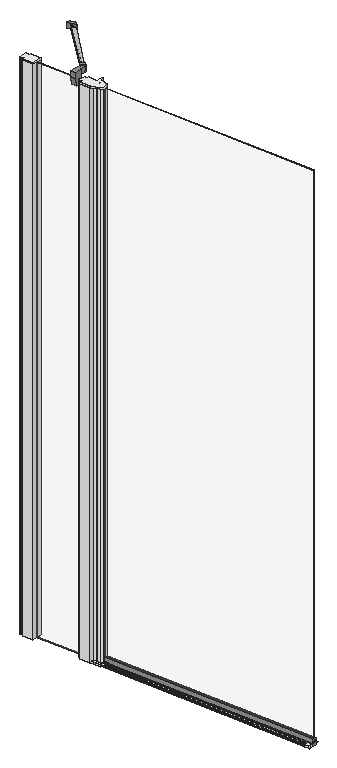
Revit family "Sanitary_Shower-screens_Duscholux_Giro_Separator-fixed-segment+pivot-door-Bath", category Plumbing Fixtures, Revit 2016
Family settings
  Part Type = Normal
  Round Connector Dimension = Use Diameter
  OmniClass Number = 23.45.00.00
  OmniClass Title = Sanitary, Laundry, and Cleaning Equipment
  Work Plane-Based = No
  Always vertical = Yes
  Cut with Voids When Loaded = No
  Shared = No
  Room Calculation Point = No
Parameters (values of type "White Aluminium Finish")
  Width fixed segment = if(Min Max Width < 1001 mm, 240 mm, if(Min Max Width < 1201 mm, 440 mm, if(Min Max Width < 1401 mm, 640 mm, 641 mm)))  # 240 mm
  Width = 900 mm
  Uniclass 2015 Description = "Shower Enclosures"
  Uniclass 2015 Code = "PR-40-20-06-79"
  URL = "http://www.duscholux.es/"
  UNSPSC Code = "30181507"
  Thickness Glass = 5 mm  # constant formula
  Technical Inspection Certificate (Applus) = "http://www.duscholux.es/resources/custom/var/APPLUS_en.pdf"
  Series = "Plus Evolution Giro"
  Region South America = "Consult"
  Region Oceania = "Consult"
  Region North America = "Consult"
  Region Middle East = "Consult"
  Region Europe = "AD, ES, FR, PT"
  Region Asia = "Consult"
  Region Antartica = "Consult"
  Region Africa = "Consult"
  Ref. = "7OI / 7OD"
  Products = "http://www.duscholux.es/mamparas_filtro.aspx?es"
  Product group = "Separator for bath"
  Product family = "Plus Evolution Giro"
  Opening System Image = "http://blob.duscholux.es/pluma512/SBIzq1f1pabatible180.gif"
  Opening System = "Pivot Door"
  Opening angle = 0.00°
  Net Weight (Kg) = 22.4
  NBS Reference Description = "Shower Enclosures"
  NBS Reference Code = "45-35-70"
  Model = ""
  Min Max Width = if(Width < 840 mm, 840 mm, if(Width > 1400 mm, 1400 mm, Width))  # 900 mm
  Max Height = if(Height > 1600 mm, 1600 mm, Height)  # 1600 mm
  Manufacturer name = "Duscholux Ibérica, S.A."
  Manufacturer country = "Spain"
  Maintenance and Cleaning = "http://www.duscholux.es/mamparas_limpieza.aspx?en"
  Image = "http://www.duscholux.es/resources/custom/img/mamparas/PLUS%20EVOLUTION%20GIRO/modelos/1F1PSBA/mampara_h.jpg"
  IFC Classification = "Furnishing Element"
  Height = 1600 mm
  Handle Material = White Finish
  Glass in Building UNE EN 12150 = "CE Conformity marking"
  Glass Material = Glass_Material-Duscholux
  Frame Material = White Aluminium Finish
  Fact Sheet = "http://blob.duscholux.es/enpdf2018/Giro1F1PSB.pdf"
  Manufacturer = "Duscholux Ibérica, S.A."
  Environmental Management ISO 14001 = "ECOEMBES Certificate"
  Edition number = "1"
  Door Aperture = Min Max Width - Width fixed segment  # 660 mm
  Design country = "Spain / Germany"
  Description = "Front 1 Fixed segment + 1 pivot door at 180° for bath"
  Date of publishing = ""
  Bath Height = 450 mm
  Assembly Code = "C1030200"
  Configuration enclosure = "http://configuratumampara.duscholux.es/eCatalogo.aspx"
  Components = "Eropean components"
  Type Comments = ""
  Combinations = ""
  Certified Quality UNE EN 14428 = "http://www.duscholux.es/duscholux_downloads.aspx?es"
  COBIe Type Category = ""
  Brand = "Duscholux"
  Accesories Material = White Finish
Types (4, lengths in mm): name | Handle Material | Frame Material | Accesories Material
  (no name) | White Finish | White Aluminium Finish | White Finish
  Silver Matt Aluminium Finish | Matt Silver Aluminium Finish | Matt Silver Aluminium Finish | Plastic, Gray
  Shiny Silver Finish | Matt Silver Aluminium Finish | Shiny Silver  Aluminium Finish | Plastic, Gray
  White Aluminium Finish | White Finish | White Aluminium Finish | White Finish
Reference planes
  plane 1 "Centro (Frontal/Posterior)": y = 0
  plane 2: z = 0
  plane 3 "Centro (Izquierda/Derecha)": x = 0
  plane 4: z = 2054
  plane 5: x = 900
  plane 6: z = 450
  plane 7: z = 0
  plane 8: y = -15.3
  plane 9: x = 879
  plane 10: z = 2050
  plane 11: x = 240
  plane 12: z = 458
  plane 13: z = 2046
  plane 14: z = 456
Forms (mm)
  Extrusion 1, solid, material "Glass_Material-Duscholux" <- "Glass Material"
    sketch origin (243.164, 15.3, 0) x (1, 0, 0) y (0, 1, 0)
      loop
        line (-0.257, -12.8) -> (-0.257, -17.8) -> (656.836, -17.8) -> (656.836, -12.8) -> (-0.257, -12.8)
    from 458 to 2046
  Extrusion 2, solid, material "White Finish" <- "Accesories Material", detail levels medium+fine
    sketch origin (0, 0, 0) x (1, 0, 0) y (0, 1, 0)
      loop
        arc (888.886, -5.45) -> (888.461, -6.475) -> (887.436, -6.9) r 1.45
        line (887.436, -6.9) -> (886, -6.9) -> (886, -18) -> (898, -18)
        arc (898, -18) -> (899.414, -17.414) -> (900, -16) r 2
        line (900, -16) -> (900, -4) -> (888.886, -4) -> (888.886, -5.45)
    from 450 to 456
  Extrusion 3, solid, material "White Aluminium Finish" <- "Frame Material"
    sketch origin (0, 0, 0) x (1, 0, 0) y (0, 1, 0)
      loop
        line (183.416, 9.29) -> (183.416, 1.79) -> (193.916, 1.79) -> (193.916, -6.21) -> (183.416, -6.21) -> (183.416, -13.71) -> (211.466, -13.71) -> (211.466, -12.36) -> (184.766, -12.36) -> (184.766, -7.555) -> (195.266, -7.555) -> (195.266, 3.135) -> (184.766, 3.135) -> (184.766, 7.94) -> (211.466, 7.94) -> (211.466, 9.29) -> (183.416, 9.29)
    from 450 to 2046
  Extrusion 4, solid, material "White Aluminium Finish" <- "Frame Material"
    sketch origin (0, 0, 0) x (1, 0, 0) y (0, 1, 0)
      loop
        line (43.002, 12.565) -> (11.652, 12.565) -> (11.652, 9.593) -> (41.752, 9.593) -> (41.752, 3.037) -> (31.002, 3.037) -> (31.002, -7.457) -> (41.752, -7.457) -> (41.752, -14.013) -> (11.652, -14.013) -> (11.652, -16.985) -> (43.002, -16.985) -> (43.002, -6.207) -> (32.502, -6.207) -> (32.502, 1.787) -> (43.002, 1.787) -> (43.002, 12.565)
    from 450 to 2046
  Extrusion 5, solid, material "White Aluminium Finish" <- "Frame Material"
    sketch origin (0, 0, 0) x (1, 0, 0) y (0, 1, 0)
      loop
        line (31.002, 9.392) -> (0, 9.392) -> (0, 7.892) -> (1.25, 7.892) -> (1.25, -12.308) -> (0, -12.308) -> (0, -13.808) -> (31.002, -13.808) -> (31.002, -12.308) -> (2.752, -12.308) -> (2.752, 7.892) -> (31.002, 7.892) -> (31.002, 9.392)
    from 450 to 2046
  Extrusion 6, solid, material "Glass_Material-Duscholux" <- "Glass Material"
    sketch origin (0, -2.21, 0) x (1, 0, 0) y (0, 1, 0)
      loop
        line (32.502, 2.5) -> (32.502, -2.5) -> (193.916, -2.5) -> (193.916, 2.5) -> (32.502, 2.5)
    from 450 to 2046
  Extrusion 7, solid, material "White Aluminium Finish" <- "Frame Material"
    sketch origin (73.4, 0, 0) x (1, 0, 0) y (0, 1, 0)
      loop
        line (148.517, 28.54) -> (144.867, 28.54) -> (144.867, 10.89) -> (118.367, 10.89) -> (118.367, 9.39) -> (143.497, 9.39) -> (143.497, -13.81) -> (116.567, -13.81) -> (116.567, -20.87) -> (149.417, -20.87) -> (149.417, -12.5) -> (152.866, -12.5) -> (158.371, -6)
        arc (158.371, -6) -> (156.367, -0.015) -> (158.255, 6.008) r 10.234
        line (158.255, 6.008) -> (152.866, 14) -> (152.866, 15.023) -> (151.24, 24.249) -> (148.517, 28.54)
    from 450 to 2046
  Extrusion 8, solid, material "White Finish" <- "Accesories Material", detail levels medium+fine
    sketch origin (0, 0, 0) x (1, 0, 0) y (0, 1, 0)
      loop
        line (222.817, -18) -> (252.745, -18) -> (252.745, -4.689) -> (245.148, -8.76)
        arc (245.148, -8.76) -> (237.932, -9.938) -> (231.771, -6) r 10.234
        line (231.771, -6) -> (226.266, -12.5) -> (222.817, -12.5) -> (222.817, -18)
    from 450 to 456
  Extrusion 9, solid, material "White Aluminium Finish" <- "Frame Material"
    sketch origin (240, 0, 0) x (1, 0, 0) y (0, 1, 0)
      loop
        line (12.745, 4.857) -> (5.148, 8.929)
        arc (5.148, 8.929) -> (-10.234, 0.084) -> (5.148, -8.76) r 10.234
        line (5.148, -8.76) -> (12.745, -4.689) -> (12.745, -3.689) -> (2.907, -3.689) -> (2.907, 3.857) -> (12.745, 3.857) -> (12.745, 4.857)
      loop
        circle (0, 0.084) r 1.482
    from 450 to 2046
  Extrusion 10, solid, material "White Finish" <- "Accesories Material"
    sketch origin (0, 0, 0) x (1, 0, 0) y (0, 1, 0)
      loop
        line (43.002, 12.565) -> (11.652, 12.565) -> (11.652, 9.392) -> (0, 9.392) -> (0, -13.808) -> (11.652, -13.808) -> (11.652, -16.985) -> (43.002, -16.985) -> (43.002, 12.565)
    from 2046 to 2050
  Extrusion 11, solid, material "White Finish" <- "Accesories Material"
    sketch origin (0, 0, 0) x (1, 0, 0) y (0, 1, 0)
      loop
        line (191.767, 10.89) -> (191.767, 9.29) -> (183.416, 9.29) -> (183.416, -13.71) -> (189.967, -13.71) -> (189.967, -20.87) -> (222.409, -20.87) -> (244.754, -12.738)
        arc (244.754, -12.738) -> (253.673, 0) -> (244.754, 12.738) r 13.555
        line (244.754, 12.738) -> (225.429, 19.771) -> (224.64, 24.249) -> (221.917, 28.54) -> (218.267, 28.54) -> (218.267, 10.89) -> (191.767, 10.89)
    from 2046 to 2050
  Extrusion 12, solid, material "White Aluminium Finish" <- "Frame Material"
    sketch origin (0, 108.97, 0) x (0, 1, 0) y (0, 0, 1)
      loop
        line (-115.87, 450) -> (-115.87, 453)
        arc (-115.87, 453) -> (-116.456, 454.414) -> (-117.87, 455) r 2
        line (-117.87, 455) -> (-123.47, 455)
        arc (-123.47, 455) -> (-124.885, 454.414) -> (-125.47, 453) r 2
        line (-125.47, 453) -> (-125.47, 450) -> (-115.87, 450)
    from 252.745 to 886
Lines and regions (mm)
  reference lines
    curve 1: line (240, 0, 0) -> (900, 0, 0)
  symbolic lines
    curve 2: line (240, 0, 0) -> (240, 660, 0)
    curve 3: line (240, 0, 0) -> (240, -660, 0)
    curve 4: arc (240, -660, 0) -> (900, 0, 0) -> (240, 660, 0) r 660
Dimensions and locks
  "Thickness Glass": Extrusion 1 to Extrusion 1
  "Min Max Width": plane 3 "Centro (Izquierda/Derecha)" to plane 5
  locked: plane 9 to plane 5 at 21
  locked: plane 4 to plane 10 at 4
  locked: Extrusion 2 to plane 5 at 14
  "Width fixed segment": plane 3 "Centro (Izquierda/Derecha)" to plane 11
  "Door Aperture": curve 1 to curve 1
  plane 3 "Centro (Izquierda/Derecha)" to Extrusion 10 = 43.002 mm
  "Door Aperture": curve 2 to curve 2
  "Door Aperture": curve 3 to curve 3
  "Bath Height": plane 6 to level
  locked: plane 12 to plane 6 at 8
  "Max Height": plane 10 to plane 6
  locked: plane 4 to plane 13 at 8
  locked: plane 14 to plane 6 at 6
  curve 3 to Extrusion 12 = 12.745 mm
  locked: plane 11 to Extrusion 12 at 12.745
  "Opening angle": angle curve 1 to plane 1 "Centro (Frontal/Posterior)"
  aligned and locked: level to plane 2
  aligned and locked: Extrusion 1 to Extrusion 3
  aligned and locked: Extrusion 1 to Extrusion 4
  aligned and locked: Extrusion 1 to Extrusion 5
  aligned and locked: Extrusion 6 to Extrusion 3
  aligned and locked: Extrusion 6 to Extrusion 4
  aligned and locked: Extrusion 1 to Extrusion 6
  aligned and locked: Extrusion 1 to Extrusion 7
  aligned and locked: Extrusion 2 to Extrusion 8
  aligned and locked: Extrusion 1 to Extrusion 9
  aligned and locked: plane 11 to curve 1
  aligned and locked: plane 1 "Centro (Frontal/Posterior)" to curve 1
  aligned and locked: Extrusion 10 to Extrusion 4
  aligned and locked: plane 10 to Extrusion 10
  aligned and locked: Extrusion 11 to Extrusion 1
  aligned and locked: plane 10 to Extrusion 11
  aligned and locked: Extrusion 1 to nested 1
  aligned and locked: Extrusion 4 to plane 6
  aligned and locked: Extrusion 5 to plane 6
  aligned and locked: Extrusion 7 to plane 6
  aligned and locked: Extrusion 3 to plane 6
  aligned and locked: Extrusion 6 to plane 6
  aligned and locked: Extrusion 9 to plane 6
  aligned and locked: Extrusion 1 to plane 12
  aligned and locked: plane 13 to nested 2
  aligned and locked: plane 13 to Extrusion 1
  aligned and locked: Extrusion 8 to plane 6
  aligned and locked: Extrusion 2 to plane 6
  aligned and locked: plane 14 to Extrusion 8
  aligned and locked: Extrusion 12 to Extrusion 2
Automatic sketch dimensions
  curve 1 to Extrusion 1 sketch curve = 2.907 mm
  Extrusion 1 sketch curve to curve 1 = 0 mm
  Extrusion 1 sketch curve to curve 1 = 2.5 mm
  Extrusion 1 sketch curve to Extrusion 1 sketch curve = 5 mm
  Extrusion 2 sketch curve to plane 5 = 0 mm
  plane 8 to Extrusion 2 sketch curve = 0.7 mm
  Extrusion 2 sketch curve to Extrusion 2 sketch curve = 2 mm
  plane 9 to Extrusion 2 sketch curve = 8.436 mm
  plane 9 to Extrusion 2 sketch curve = 7 mm
  plane 1 "Centro (Frontal/Posterior)" to Extrusion 2 sketch curve = 6.9 mm
  Extrusion 2 sketch curve to Extrusion 2 sketch curve = 1.45 mm
  plane 1 "Centro (Frontal/Posterior)" to Extrusion 2 sketch curve = 4 mm
  Extrusion 3 sketch curve to plane 1 "Centro (Frontal/Posterior)" = 7.94 mm
  Extrusion 3 sketch curve to plane 11 = 55.234 mm
  Extrusion 3 sketch curve to Extrusion 3 sketch curve = 1.35 mm  (x5)
  Extrusion 3 sketch curve to Extrusion 3 sketch curve = 26.7 mm
  Extrusion 3 sketch curve to plane 1 "Centro (Frontal/Posterior)" = 3.135 mm
  Extrusion 3 sketch curve to Extrusion 3 sketch curve = 10.5 mm
  Extrusion 3 sketch curve to plane 1 "Centro (Frontal/Posterior)" = 1.79 mm
  Extrusion 3 sketch curve to Extrusion 3 sketch curve = 1.345 mm
  Extrusion 3 sketch curve to Extrusion 3 sketch curve = 9.15 mm
  Extrusion 3 sketch curve to plane 8 = 2.94 mm
  Extrusion 3 sketch curve to Extrusion 3 sketch curve = 16.2 mm
  plane 3 "Centro (Izquierda/Derecha)" to Extrusion 4 sketch curve = 11.652 mm  (x2)
  plane 8 to Extrusion 4 sketch curve = 1.685 mm
  Extrusion 4 sketch curve to plane 1 "Centro (Frontal/Posterior)" = 3.037 mm
  Extrusion 4 sketch curve to Extrusion 4 sketch curve = 19.35 mm
  Extrusion 4 sketch curve to Extrusion 4 sketch curve = 1.5 mm
  Extrusion 4 sketch curve to Extrusion 4 sketch curve = 9.25 mm  (x2)
  Extrusion 4 sketch curve to Extrusion 4 sketch curve = 1.25 mm  (x3)
  plane 1 "Centro (Frontal/Posterior)" to Extrusion 4 sketch curve = 7.457 mm
  Extrusion 4 sketch curve to plane 1 "Centro (Frontal/Posterior)" = 1.787 mm
  Extrusion 4 sketch curve to Extrusion 4 sketch curve = 6.555 mm
  Extrusion 4 sketch curve to Extrusion 4 sketch curve = 2.972 mm
  Extrusion 4 sketch curve to plane 8 = 1.287 mm
  Extrusion 5 sketch curve to plane 1 "Centro (Frontal/Posterior)" = 7.892 mm
  plane 3 "Centro (Izquierda/Derecha)" to Extrusion 5 sketch curve = 31.002 mm
  plane 3 "Centro (Izquierda/Derecha)" to Extrusion 5 sketch curve = 2.752 mm
  Extrusion 5 sketch curve to Extrusion 5 sketch curve = 1.5 mm
  Extrusion 5 sketch curve to plane 3 "Centro (Izquierda/Derecha)" = 0 mm  (x2)
  plane 3 "Centro (Izquierda/Derecha)" to Extrusion 5 sketch curve = 1.25 mm
  Extrusion 5 sketch curve to plane 8 = 2.992 mm
  Extrusion 5 sketch curve to Extrusion 5 sketch curve = 0 mm  (x3)
  Extrusion 5 sketch curve to plane 8 = 1.492 mm
  Extrusion 3 sketch curve to Extrusion 3 sketch curve = 4.805 mm
  Extrusion 6 sketch curve to plane 11 = 207.498 mm
  plane 1 "Centro (Frontal/Posterior)" to Extrusion 6 sketch curve = 4.71 mm
  Extrusion 6 sketch curve to Extrusion 6 sketch curve = 161.414 mm
  Extrusion 6 sketch curve to plane 1 "Centro (Frontal/Posterior)" = 0.29 mm
  Extrusion 7 sketch curve to plane 1 "Centro (Frontal/Posterior)" = 28.54 mm
  Extrusion 7 sketch curve to plane 11 = 18.083 mm
  Extrusion 7 sketch curve to Extrusion 7 sketch curve = 3.65 mm
  Extrusion 7 sketch curve to plane 1 "Centro (Frontal/Posterior)" = 24.249 mm
  Extrusion 7 sketch curve to Extrusion 7 sketch curve = 2.722 mm
  Extrusion 7 sketch curve to plane 1 "Centro (Frontal/Posterior)" = 15.023 mm
  Extrusion 7 sketch curve to Extrusion 7 sketch curve = 1.627 mm
  Extrusion 7 sketch curve to Extrusion 7 sketch curve = 1.023 mm
  Extrusion 7 sketch curve to plane 1 "Centro (Frontal/Posterior)" = 6.008 mm
  Extrusion 7 sketch curve to Extrusion 7 sketch curve = 5.389 mm
  Extrusion 7 sketch curve to plane 1 "Centro (Frontal/Posterior)" = 0.084 mm
  Extrusion 7 sketch curve to Extrusion 7 sketch curve = 8.345 mm
  plane 1 "Centro (Frontal/Posterior)" to Extrusion 7 sketch curve = 6 mm
  Extrusion 7 sketch curve to Extrusion 7 sketch curve = 5.505 mm
  Extrusion 7 sketch curve to Extrusion 7 sketch curve = 3.449 mm
  plane 8 to Extrusion 7 sketch curve = 5.57 mm
  Extrusion 7 sketch curve to plane 8 = 2.8 mm
  Extrusion 7 sketch curve to Extrusion 7 sketch curve = 32.85 mm
  Extrusion 7 sketch curve to plane 8 = 1.49 mm
  Extrusion 7 sketch curve to Extrusion 7 sketch curve = 5.92 mm
  Extrusion 7 sketch curve to plane 1 "Centro (Frontal/Posterior)" = 9.39 mm
  Extrusion 7 sketch curve to Extrusion 7 sketch curve = 1.8 mm
  Extrusion 7 sketch curve to Extrusion 7 sketch curve = 1.5 mm
  Extrusion 8 sketch curve to plane 11 = 0 mm
  Extrusion 8 sketch curve to plane 8 = 2.8 mm
  Extrusion 8 sketch curve to Extrusion 8 sketch curve = 5.505 mm
  plane 8 to Extrusion 8 sketch curve = 2.7 mm
  Extrusion 8 sketch curve to Extrusion 8 sketch curve = 3.449 mm
  plane 11 to Extrusion 8 sketch curve = 5.148 mm
  Extrusion 8 sketch curve to Extrusion 8 sketch curve = 7.597 mm
  Extrusion 8 sketch curve to plane 8 = 6.54 mm
  plane 1 "Centro (Frontal/Posterior)" to Extrusion 8 sketch curve = 6 mm
  plane 1 "Centro (Frontal/Posterior)" to Extrusion 8 sketch curve = 4.689 mm
  Extrusion 8 sketch curve to plane 1 "Centro (Frontal/Posterior)" = 0.084 mm
  Extrusion 9 sketch curve to Extrusion 9 sketch curve = 0 mm  (x3)
  Extrusion 9 sketch curve to curve 1 = 0 mm
  curve 1 to Extrusion 9 sketch curve = 0.084 mm
  curve 1 to Extrusion 9 sketch curve = 2.907 mm
  curve 1 to Extrusion 9 sketch curve = 5.148 mm  (x2)
  Extrusion 9 sketch curve to curve 1 = 3.857 mm
  Extrusion 9 sketch curve to Extrusion 9 sketch curve = 7.597 mm
  Extrusion 9 sketch curve to curve 1 = 3.689 mm
  Extrusion 9 sketch curve to curve 1 = 8.76 mm
  Extrusion 9 sketch curve to Extrusion 9 sketch curve = 1 mm
  Extrusion 9 sketch curve to curve 1 = 1.482 mm
  curve 1 to Extrusion 9 sketch curve = 4.689 mm
  Extrusion 10 sketch curve to plane 3 "Centro (Izquierda/Derecha)" = 0 mm
  plane 8 to Extrusion 10 sketch curve = 1.685 mm
  plane 3 "Centro (Izquierda/Derecha)" to Extrusion 10 sketch curve = 11.652 mm  (x2)
  Extrusion 10 sketch curve to Extrusion 10 sketch curve = 31.35 mm
  Extrusion 10 sketch curve to plane 8 = 1.492 mm
  Extrusion 10 sketch curve to plane 1 "Centro (Frontal/Posterior)" = 12.565 mm
  Extrusion 10 sketch curve to plane 1 "Centro (Frontal/Posterior)" = 9.392 mm
  plane 1 "Centro (Frontal/Posterior)" to Extrusion 11 sketch curve = 0 mm
  Extrusion 11 sketch curve to plane 1 "Centro (Frontal/Posterior)" = 9.29 mm
  Extrusion 11 sketch curve to plane 11 = 56.584 mm
  Extrusion 11 sketch curve to plane 8 = 1.59 mm
  Extrusion 11 sketch curve to Extrusion 11 sketch curve = 6.552 mm
  Extrusion 11 sketch curve to Extrusion 11 sketch curve = 8.352 mm
  Extrusion 11 sketch curve to plane 11 = 21.733 mm
  Extrusion 11 sketch curve to Extrusion 11 sketch curve = 3.65 mm
  plane 8 to Extrusion 11 sketch curve = 5.57 mm
  Extrusion 11 sketch curve to plane 11 = 17.591 mm
  Extrusion 11 sketch curve to Extrusion 11 sketch curve = 2.722 mm
  Extrusion 11 sketch curve to Extrusion 11 sketch curve = 0.79 mm
  plane 11 to Extrusion 11 sketch curve = 0.118 mm
  plane 11 to Extrusion 11 sketch curve = 4.754 mm  (x2)
  Extrusion 11 sketch curve to plane 8 = 2.562 mm
  Extrusion 11 sketch curve to Extrusion 11 sketch curve = 1.6 mm
  Extrusion 11 sketch curve to Extrusion 11 sketch curve = 8.881 mm
  Extrusion 11 sketch curve to Extrusion 11 sketch curve = 4.478 mm
  Extrusion 11 sketch curve to Extrusion 11 sketch curve = 4.291 mm
  Extrusion 12 sketch curve to plane 6 = 0 mm
  plane 8 to Extrusion 12 sketch curve = 1.2 mm
  Extrusion 12 sketch curve to Extrusion 12 sketch curve = 2 mm  (x2)
  Extrusion 12 sketch curve to Extrusion 12 sketch curve = 5.6 mm
  plane 6 to Extrusion 12 sketch curve = 3 mm
  curve 2 to plane 11 = 0 mm
  plane 1 "Centro (Frontal/Posterior)" to curve 3 = 0 mm
Nested families
  nested 1: "Lower-Guide" at (252.745, 0, 458), type "Lower-Guide", detail levels fine
    with built-in parameter 1001306 2.1235 (stored number, unit not read)
  nested 2: "Wall Support 45°" at (165, -2.21, 2046) x (0, 1, 0) z (0, 0, 1), type "Wall Support 45°", detail levels medium+fine
Definition of nested family "Lower-Guide"
  Parameters (values of type "2353MA")
    built-in parameter 1001306 [instance] = 500 mm
  Reference planes
    plane 1 "Centro (Frontal/Posterior)": y = 0
    plane 2: z = 0
    plane 3 "Izquierda": x = 0
    plane 4 "Derecha": x = 500
    plane 5: z = 0
  Forms (mm)
    Extrusion 1, solid
      sketch origin (0, 0, 0) x (0, 1, 0) y (0, 0, 1)
        loop
          line (-4.2, 0) -> (-3, 12) -> (-4.5, 12) -> (-5.692, 0.15)
          arc (-5.692, 0.15) -> (-5.345, -0.968) -> (-4.3, -1.497) r 1.5
          line (-4.3, -1.497) -> (-4.3, -5.874)
          arc (-4.3, -5.874) -> (-3.9, -6.274) -> (-3.5, -5.874) r 0.4
          line (-3.5, -5.874) -> (-3.5, -1.5) -> (3.5, -1.5) -> (3.5, -7.653)
          arc (3.5, -7.653) -> (3.9, -8.053) -> (4.3, -7.653) r 0.4
          line (4.3, -7.653) -> (4.3, -1.508) -> (5.754, -1.508) -> (11.976, -3.947)
          arc (11.976, -3.947) -> (12.62, -3.771) -> (12.515, -3.111) r 0.5
          line (12.515, -3.111) -> (9.056, -1.58)
          arc (9.056, -1.58) -> (6.398, 0.585) -> (5.211, 3.802) r 6.5
          line (5.211, 3.802) -> (4.5, 12) -> (3, 12) -> (4.2, 0) -> (-4.2, 0)
      from 0 to 500
  Lines and regions (mm)
    reference lines
      curve 1: line (0, 0, 0) -> (500, 0, 0)
  Dimensions and locks
    "built-in parameter 1001306": plane 3 "Izquierda" to plane 4 "Derecha"
    aligned and locked: plane 4 "Derecha" to curve 1
    aligned and locked: plane 1 "Centro (Frontal/Posterior)" to curve 1
    aligned and locked: plane 3 "Izquierda" to curve 1
    aligned and locked: level to plane 2
    aligned and locked: plane 4 "Derecha" to Extrusion 1
  Automatic sketch dimensions
    Extrusion 1 sketch curve to level = 0 mm  (x2)
    Extrusion 1 sketch curve to Extrusion 1 sketch curve = 0.4 mm  (x3)
    Extrusion 1 sketch curve to Extrusion 1 sketch curve = 0 mm  (x2)
    Extrusion 1 sketch curve to Extrusion 1 sketch curve = 1.5 mm  (x2)
    Extrusion 1 sketch curve to Extrusion 1 sketch curve = 1.454 mm
    Extrusion 1 sketch curve to level = 1.58 mm
    Extrusion 1 sketch curve to Extrusion 1 sketch curve = 3.301 mm
    level to Extrusion 1 sketch curve = 4.364 mm
    Extrusion 1 sketch curve to Extrusion 1 sketch curve = 2.632 mm
    Extrusion 1 sketch curve to level = 3.947 mm
    Extrusion 1 sketch curve to Extrusion 1 sketch curve = 2.921 mm
    Extrusion 1 sketch curve to Extrusion 1 sketch curve = 0.224 mm
    Extrusion 1 sketch curve to level = 3.111 mm
    Extrusion 1 sketch curve to Extrusion 1 sketch curve = 0.315 mm
    Extrusion 1 sketch curve to level = 5.874 mm
    Extrusion 1 sketch curve to Extrusion 1 sketch curve = 1.778 mm
    Extrusion 1 sketch curve to level = 1.508 mm
    Extrusion 1 sketch curve to level = 1.5 mm
    Extrusion 1 sketch curve to Extrusion 1 sketch curve = 0.003 mm
    level to Extrusion 1 sketch curve = 12 mm
    level to Extrusion 1 sketch curve = 0.15 mm
    plane 1 "Centro (Frontal/Posterior)" to Extrusion 1 sketch curve = 3 mm
    plane 1 "Centro (Frontal/Posterior)" to Extrusion 1 sketch curve = 3.5 mm
    Extrusion 1 sketch curve to Extrusion 1 sketch curve = 0.1 mm  (x2)
    Extrusion 1 sketch curve to plane 1 "Centro (Frontal/Posterior)" = 3 mm
    Extrusion 1 sketch curve to plane 1 "Centro (Frontal/Posterior)" = 3.5 mm
    Extrusion 1 sketch curve to Extrusion 1 sketch curve = 0.799 mm
    level to Extrusion 1 sketch curve = 3.802 mm
Definition of nested family "Wall Support 45°"
  Parameters (values of type "Wall Support 45°")
    Lenght = 800 mm
  Reference planes
    plane 1 "Center (Front/Back)": y = 0
    plane 2: z = 0
    plane 3 "Center (Left/Right)": x = 0
    plane 4: x = 800
    plane 5: through (26, 0, 1200) normal (-0.7071, 0.7071, 0)
    plane 6: y = 165
    plane 7: x = 176
  Forms (mm)
    Extrusion 1, solid
      sketch origin (11.441, 0, 35.625) x (1, 0, 0) y (0, 0, 1)
        loop
          line (-19.941, -52.625) -> (-2.941, -52.625) -> (-2.941, -15.625) -> (-22.941, -15.625) -> (-22.941, -32.625) -> (-19.941, -52.625)
      from -8.5 to 8.5
    Extrusion 2, void
      sketch origin (0, 0, 0) x (1, 0, 0) y (0, 0, 1)
        loop
          line (-5, 0) -> (-5, -17) -> (5, -17) -> (5, 0) -> (-5, 0)
      from -8.5 to 8.5
    Extrusion 3, solid
      sketch origin (0, 0, 0) x (1, 0, 0) y (0, 1, 0)
        loop
          line (8.5, -8.5) -> (11, -6) -> (11, 6) -> (8.5, 8.5) -> (8.5, -8.5)
      from -17 to 20
    Extrusion 4, solid
      sketch origin (-113.058, -131.909, -43.851) x (-0.707107, 0.707107, 0) y (0, 0, 1)
        loop
          line (-9.555, 48.351) -> (-0.555, 48.351) -> (-0.555, 62.351) -> (-9.555, 62.351) -> (-9.555, 48.351)
      from 206.603 to 388.735
    Extrusion 5, solid
      sketch origin (0, 0, 0) x (1, 0, 0) y (0, 1, 0)
        loop
          line (11, 6) -> (11, -6) -> (26, -6)
          arc (26, -6) -> (32, 0) -> (26, 6) r 6
          line (26, 6) -> (11, 6)
      from 14 to 20
    Extrusion 6, solid
      sketch origin (44.385, 18.385, 0) x (-0.707107, -0.707107, 0) y (0.707107, -0.707107, 0)
        loop
          line (11, 6) -> (11, -6) -> (26, -6)
          arc (26, -6) -> (32, 0) -> (26, 6) r 6
          line (26, 6) -> (11, 6)
      from 5 to 14
    Extrusion 7, solid
      sketch origin (0, 0, 0) x (1, 0, 0) y (0, 1, 0)
        loop
          line (32.364, 14.849) -> (23.515, 6) -> (26, 6)
          arc (26, 6) -> (31.543, 2.296) -> (30.243, -4.243) r 6
          line (30.243, -4.243) -> (40.849, 6.364) -> (32.364, 14.849)
      from 14 to 20
    Extrusion 8, solid
      sketch origin (176, 176, 0) x (0, -1, 0) y (1, 0, 0)
        loop
          line (11, -6) -> (26, -6)
          arc (26, -6) -> (32, 0) -> (26, 6) r 6
          line (26, 6) -> (11, 6) -> (11, -6)
      from 14 to 20
    Extrusion 9, solid
      sketch origin (176, 176, 0) x (0, -1, 0) y (1, 0, 0)
        loop
          line (32.364, -14.849) -> (40.849, -6.364) -> (30.243, 4.243)
          arc (30.243, 4.243) -> (31.543, -2.296) -> (26, -6) r 6
          line (26, -6) -> (23.515, -6) -> (32.364, -14.849)
      from 14 to 20
    Extrusion 10, solid
      sketch origin (157.615, 131.615, 0) x (0.707107, 0.707107, 0) y (-0.707107, 0.707107, 0)
        loop
          line (11, -6) -> (26, -6)
          arc (26, -6) -> (32, 0) -> (26, 6) r 6
          line (26, 6) -> (11, 6) -> (11, -6)
      from 5 to 14
    Extrusion 11, solid
      sketch origin (-22.6, -22.6, 0) x (1, 0, 0) y (0, 1, 0)
        loop
          line (192.6, 187.6) -> (192.6, 175.085) -> (194.357, 176.842)
          arc (194.357, 176.842) -> (200.896, 178.143) -> (204.6, 172.6) r 6
          line (204.6, 172.6) -> (204.6, 187.6) -> (192.6, 187.6)
      from 5 to 14
    Extrusion 12, solid
      sketch origin (0, 0, 0) x (1, 0, 0) y (0, 1, 0)
        loop
          line (11, 6) -> (11, -5.977) -> (25.477, -5.977)
          arc (25.477, -5.977) -> (20.362, -2.052) -> (21.757, 4.243) r 6
          line (21.757, 4.243) -> (23.515, 6) -> (11, 6)
      from 5 to 14
  Cuts and joins
    Extrusion 2 cuts Extrusion 1
    joined: Extrusion 1, Extrusion 3, Extrusion 5, Extrusion 12
    joined: Extrusion 6, Extrusion 7
    joined: Extrusion 9, Extrusion 10
    joined: Extrusion 8, Extrusion 11
  Dimensions and locks
    equal spacing: Extrusion 1, plane 1 "Center (Front/Back)", Extrusion 1
    locked: cut or joined group of Extrusion 1, Extrusion 2, Extrusion 3, Extrusion 5, Extrusion 12 to plane 3 "Center (Left/Right)" at 11.5
    "Lenght": plane 4 to plane 3 "Center (Left/Right)"
    locked: cut or joined group of Extrusion 1, Extrusion 2, Extrusion 3, Extrusion 5, Extrusion 12 to level at 20
    locked: level to cut or joined group of Extrusion 1, Extrusion 2, Extrusion 3, Extrusion 5, Extrusion 12 at 17
    aligned and locked: level to plane 2
    aligned and locked: Extrusion 1 to Extrusion 2
    aligned and locked: Extrusion 2 to Extrusion 1
    aligned and locked: cut or joined group of Extrusion 1, Extrusion 2, Extrusion 3, Extrusion 5, Extrusion 12 to Extrusion 3  (x2)
    aligned and locked: Extrusion 7 to Extrusion 5
    aligned and locked: cut or joined group of Extrusion 1, Extrusion 2, Extrusion 3, Extrusion 5, Extrusion 12 to Extrusion 7
    aligned and locked: Extrusion 4 to Extrusion 6
    aligned and locked: Extrusion 9 to Extrusion 8
    aligned and locked: Extrusion 11 to Extrusion 8
    aligned and locked: Extrusion 12 to cut or joined group of Extrusion 1, Extrusion 2, Extrusion 3, Extrusion 5, Extrusion 12
    aligned and locked: Extrusion 12 to cut or joined group of Extrusion 6, Extrusion 7
    aligned and locked: Extrusion 4 to cut or joined group of Extrusion 9, Extrusion 10
  Automatic sketch dimensions
    level to Extrusion 1 sketch curve = 3 mm
    Extrusion 1 sketch curve to plane 3 "Center (Left/Right)" = 11.5 mm
    Extrusion 1 sketch curve to plane 3 "Center (Left/Right)" = 8.5 mm
    plane 3 "Center (Left/Right)" to Extrusion 1 sketch curve = 8.5 mm
    Extrusion 1 sketch curve to level = 17 mm
    Extrusion 1 sketch curve to Extrusion 1 sketch curve = 17 mm
    Extrusion 2 sketch curve to level = 0 mm
    Extrusion 2 sketch curve to plane 3 "Center (Left/Right)" = 5 mm
    plane 3 "Center (Left/Right)" to Extrusion 2 sketch curve = 5 mm
    Extrusion 2 sketch curve to Extrusion 2 sketch curve = 17 mm
    plane 3 "Center (Left/Right)" to Extrusion 3 sketch curve = 8.5 mm
    Extrusion 3 sketch curve to Extrusion 3 sketch curve = 2.5 mm  (x3)
    plane 1 "Center (Front/Back)" to Extrusion 3 sketch curve = 8.5 mm
    Extrusion 3 sketch curve to plane 1 "Center (Front/Back)" = 6 mm
    Extrusion 4 sketch curve to plane 5 = 4.5 mm
    plane 5 to Extrusion 4 sketch curve = 4.5 mm
    level to Extrusion 4 sketch curve = 4.5 mm
    Extrusion 4 sketch curve to Extrusion 4 sketch curve = 14 mm
    plane 1 "Center (Front/Back)" to Extrusion 5 sketch curve = 0 mm
    Extrusion 5 sketch curve to plane 5 = 0 mm
    plane 3 "Center (Left/Right)" to Extrusion 5 sketch curve = 11 mm
    plane 1 "Center (Front/Back)" to Extrusion 5 sketch curve = 6 mm
    plane 1 "Center (Front/Back)" to Extrusion 6 sketch curve = 0 mm
    Extrusion 6 sketch curve to plane 5 = 0 mm
    plane 5 to Extrusion 6 sketch curve = 6 mm
    Extrusion 6 sketch curve to Extrusion 6 sketch curve = 15 mm
    plane 1 "Center (Front/Back)" to Extrusion 7 sketch curve = 0 mm
    Extrusion 7 sketch curve to plane 5 = 0 mm
    Extrusion 7 sketch curve to Extrusion 7 sketch curve = 2.485 mm
    plane 1 "Center (Front/Back)" to Extrusion 7 sketch curve = 4.243 mm
    Extrusion 7 sketch curve to Extrusion 7 sketch curve = 4.243 mm
    Extrusion 7 sketch curve to plane 1 "Center (Front/Back)" = 14.849 mm
    Extrusion 7 sketch curve to Extrusion 7 sketch curve = 6.364 mm
    plane 1 "Center (Front/Back)" to Extrusion 8 sketch curve = 165 mm
    plane 1 "Center (Front/Back)" to Extrusion 8 sketch curve = 150 mm
    Extrusion 8 sketch curve to Extrusion 8 sketch curve = 6 mm
    plane 1 "Center (Front/Back)" to Extrusion 9 sketch curve = 152.485 mm
    Extrusion 9 sketch curve to Extrusion 9 sketch curve = 2.485 mm
    plane 1 "Center (Front/Back)" to Extrusion 9 sketch curve = 145.757 mm
    plane 1 "Center (Front/Back)" to Extrusion 9 sketch curve = 143.636 mm
    plane 1 "Center (Front/Back)" to Extrusion 9 sketch curve = 135.151 mm
    Extrusion 9 sketch curve to Extrusion 9 sketch curve = 4.243 mm
    plane 5 to Extrusion 10 sketch curve = 6 mm
    plane 1 "Center (Front/Back)" to Extrusion 10 sketch curve = 135.151 mm
    Extrusion 10 sketch curve to Extrusion 10 sketch curve = 15 mm
    Extrusion 10 sketch curve to Extrusion 10 sketch curve = 6 mm
    Extrusion 11 sketch curve to plane 5 = 0 mm
    Extrusion 11 sketch curve to Extrusion 11 sketch curve = 15 mm
    Extrusion 11 sketch curve to Extrusion 11 sketch curve = 1.757 mm  (x2)
    plane 1 "Center (Front/Back)" to Extrusion 12 sketch curve = 0 mm
    Extrusion 12 sketch curve to plane 5 = 0 mm
    Extrusion 12 sketch curve to plane 1 "Center (Front/Back)" = 6 mm
    Extrusion 12 sketch curve to Extrusion 12 sketch curve = 2.485 mm
    Extrusion 12 sketch curve to plane 1 "Center (Front/Back)" = 4.243 mm
    Extrusion 12 sketch curve to Extrusion 12 sketch curve = 1.757 mm
    Extrusion 12 sketch curve to Extrusion 12 sketch curve = 10.757 mm
    plane 1 "Center (Front/Back)" to Extrusion 12 sketch curve = 5.977 mm
    Extrusion 8 sketch curve to plane 5 = 0 mm
    Extrusion 9 sketch curve to plane 5 = 0 mm
    Extrusion 11 sketch curve to plane 6 = 0 mm
    Extrusion 11 sketch curve to plane 6 = 10.757 mm
    Extrusion 11 sketch curve to Extrusion 11 sketch curve = 4.243 mm
